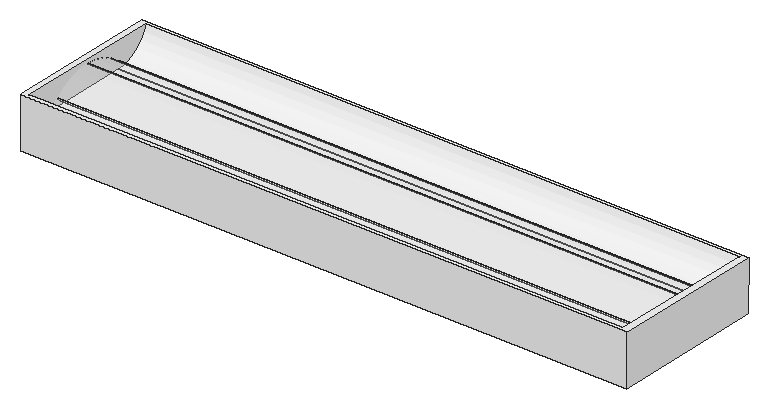
Revit family "LCAT-SM", category Lighting Fixtures, host Face, Revit 2021
Family settings
  Host = Face
  Round Connector Dimension = Use Diameter
  Part Type = Normal
  OmniClass Number = 23.80.70.11
  OmniClass Title = Luminaries for Internal Lighting
  Cut with Voids When Loaded = No
  Light Source = No
  Shared = No
  Room Calculation Point = No
Parameters (values of type "LCAT-SM-14")
  zz Length = Row Length - 0.083333 ft  # 3.916667 ft
  Width = 1.000 ft
  Warranty = "Five-year warranty."  # constant formula
  Voltage = 120 V
  Wattage Comments = "40-80 W"  # constant formula
  URL = "https://www.currentlighting.com/columbia"
  Product Page URL = ""
  Product Documentation Link = ""
  Photometric Web = Web LCAT : LCAT14-30MLG-EDU
  Model = "LCAT-SM"  # constant formula
  Manufacturer = "Columbia Lighting"  # constant formula
  Row Length = 4.000 ft
  Load Classification = Lighting
  Lamp = "LED Lamp"  # constant formula
  Light Bulb = White Glass
  Height = 0.333333 ft
  Description = "LCAT provides both design and value with an architectural appearance, LED technology to reduce maintenance and a wide range of options for classrooms, offices, retail and health care applications."  # constant formula
  Default Elevation = 4.000 ft
  Backbox = White
  Apparent Load = 0 VA
Types (4, lengths in ft): name | zz Length | Width | Photometric Web | Row Length | Load Classification | Height
  (no name) | 3.916667 | 1.000 | Web LCAT : LCAT14-30MLG-EDU | 4.000 | Lighting | 0.333333
  LCAT-SM-14 | 3.916667 | 1.000 | Web LCAT : LCAT14-30MLG-EDU | 4.000 | Lighting | 0.333333
  LCAT-SM-22 | 1.916667 | 1.979167 | Web LCAT : LCAT22-50VLG-EDU | 2.000 | Other | 0.385833
  LCAT-SM-24 | 3.916667 | 2.083333 | Web LCAT : LCAT24-50MLG-EDU | 4.000 | Other | 0.385833
Reference planes (ft)
  plane 1 "Center (Front/Back)": y = 0.003333
  plane 2: z = 0
  plane 3 "Center (Left/Right)": x = 0.13912
  plane 4: x = -1.86088
  plane 5: x = 2.13912
Dimensions and locks (ft)
  equal spacing: plane 5, plane 3 "Center (Left/Right)", plane 4
  "Row Length": plane 5 to plane 4
  aligned and locked: plane 2 to host face
  aligned and locked: level to host face
  aligned and locked: plane 3 "Center (Left/Right)" to nested 1
  aligned and locked: plane 1 "Center (Front/Back)" to nested 1
  aligned and locked: plane 3 "Center (Left/Right)" to nested 2
  aligned and locked: plane 1 "Center (Front/Back)" to nested 2
Automatic sketch dimensions
  host sketch curve to host sketch curve = 8.000 ft  (x2)
Nested families (ft)
  nested 1: "LED Contemporary Architectural Troffer" at (0.13912, 0.003333, 0), Row Length <- "Row Length", Width <- "Width", Glass <- "Light Bulb", Finish <- "Backbox", Height <- "Height", type "LED Contemporary Architectural Troffer"
    with Width 1.000 ft, Row Length 4.000 ft, Height 0.333333 ft, Glass White Glass, Finish White
  nested 2: "Web LCAT" at (0.142453, 0.023246, 0.166667) x (0, 1, 0) z (0, 0, 1), type <- "Photometric Web", type "LCAT14-30MLG-EDU"
Connectors (ft)
  electrical at (0, 0, 0), driven by "Voltage", driven by "Description", driven by "Load Classification"
    settings: on host face, index 1, voltage 120 V, apparent load 0 VA, apparent load phase1 0 VA, apparent load phase2 0 VA, apparent load phase3 0 VA, power factor 1, load classification "Lighting", number of poles 1, system type 30, power factor state 1, is connector primary yes, connector utility no, sub classification motor no, connector description "LCAT provides both design and value with an architectural appearance, LED technology to reduce maintenance and a wide range of options for classrooms, offices, retail and health care applications."
Definition of nested family "LED Contemporary Architectural Troffer"
  Parameters
    Width [instance] = 2.000 ft
    Row Length [instance] = 2.000 ft
    Height [instance] = 0.385417 ft
    Glass [instance] = none
    Finish [instance] = none
    Default Elevation = 4.000 ft
  Reference planes (ft)
    plane 1 "Center (Front/Back)": y = 0
    plane 2: z = 0
    plane 3 "Center (Left/Right)": x = 0
    plane 4: x = 1
    plane 5: x = -1
    plane 6: y = -1
    plane 7: y = 1
    plane 8: z = 0.385417
    plane 9: x = -0.958333
    plane 10: x = 0.958333
    plane 11: y = -0.25
    plane 12: y = 0.25
    plane 13: z = 0.166667
    plane 14: y = -0.979167
    plane 15: y = 0.979167
    plane 16: z = 0.020833
  Forms (ft)
    Extrusion 1, solid
      sketch origin (0, 0, 0) x (1, 0, 0) y (0, 1, 0)
        loop
          line (-4, 4) -> (-4, -4) -> (4, -4) -> (4, 4) -> (-4, 4)
      from 0 to -1
    Extrusion 2, solid, material <- "Glass"
      sketch origin (0, 0, 0) x (0, 1, 0) y (0, 0, 1)
        loop
          arc (-0.25045, 0.166667) -> (-0.271283, 0.1875) -> (-0.25045, 0.208333) r 0.020833
          arc (-0.25045, 0.208333) -> (-0.135194, 0.283596) -> (0, 0.309496) r 0.355919
          arc (0, 0.309496) -> (0.135194, 0.283596) -> (0.25045, 0.208333) r 0.355919
          arc (0.25045, 0.208333) -> (0.271283, 0.1875) -> (0.25045, 0.166667) r 0.020833
          line (0.25045, 0.166667) -> (0.25045, 0.158186)
          arc (0.25045, 0.158186) -> (0.279683, 0.187419) -> (0.25045, 0.216651) r 0.029233
          arc (0.25045, 0.216651) -> (0.134867, 0.290829) -> (0, 0.316769) r 0.363081
          arc (0, 0.316769) -> (-0.134867, 0.290829) -> (-0.25045, 0.216651) r 0.363081
          arc (-0.25045, 0.216651) -> (-0.279683, 0.187419) -> (-0.25045, 0.158186) r 0.029233
          line (-0.25045, 0.158186) -> (-0.25045, 0.166667)
      from -0.958333 to 0.958333
    Extrusion 3, solid, material <- "Finish"
      sketch origin (0, 0, 0) x (0, 1, 0) y (0, 0, 1)
        loop
          line (-1, 0.385417) -> (-1, 0) -> (1, 0) -> (1, 0.385417) -> (-1, 0.385417)
      from 0.958333 to 1
    Extrusion 4, solid, material <- "Finish"
      sketch origin (0, 0, 0) x (0, 1, 0) y (0, 0, 1)
        loop
          line (1, 0.385417) -> (-1, 0.385417) -> (-1, 0) -> (1, 0) -> (1, 0.385417)
      from -1 to -0.958333
    Extrusion 5, solid, material <- "Finish"
      sketch origin (0, 0, 0) x (0, 1, 0) y (0, 0, 1)
        loop
          line (-1, 0) -> (1, 0) -> (1, 0.385417) -> (0.979167, 0.385417) -> (0.979167, 0.020833) -> (-0.979167, 0.020833) -> (-0.979167, 0.385417) -> (-1, 0.385417) -> (-1, 0)
      from -0.958333 to 0.958333
    Extrusion 6, solid, material <- "Finish"
      sketch origin (0, 0, 0) x (0, 1, 0) y (0, 0, 1)
        loop
          arc (-0.25, 0.166667) -> (-0.630636, 0.222532) -> (-0.979167, 0.385417) r 1.324653
          line (-0.979167, 0.385417) -> (-0.979167, 0.020833) -> (0.979167, 0.020833) -> (0.979167, 0.385417)
          arc (0.979167, 0.385417) -> (0.630636, 0.222532) -> (0.25, 0.166667) r 1.324653
          line (0.25, 0.166667) -> (-0.25, 0.166667)
      from -1 to 1
  Cuts and joins
    joined: Extrusion 3, Extrusion 4, Extrusion 5, Extrusion 6
  Dimensions and locks (ft)
    equal spacing: plane 4, plane 3 "Center (Left/Right)", plane 5
    "Row Length": plane 4 to plane 5
    equal spacing: plane 6, plane 1 "Center (Front/Back)", plane 7
    "Width": plane 6 to plane 7
    "Height": plane 8 to plane 2
    equal spacing: plane 10, plane 3 "Center (Left/Right)", plane 9
    locked: plane 9 to plane 5 at 0.041667
    equal spacing: plane 11, plane 1 "Center (Front/Back)", plane 12
    locked: plane 11 to plane 1 "Center (Front/Back)" at 0.25
    locked: plane 6 to plane 14 at 0.020833
    equal spacing: plane 14, plane 1 "Center (Front/Back)", plane 15
    locked: plane 16 to level at 0.020833
    level to Extrusion 5 = 0.385417 ft
    aligned and locked: plane 2 to Extrusion 1
    aligned and locked: level to Extrusion 1
    aligned and locked: Extrusion 2 to plane 10
    aligned and locked: Extrusion 2 to plane 9
    aligned and locked: plane 8 to Extrusion 3 sketch curve
    aligned and locked: plane 6 to Extrusion 3 sketch curve
    aligned and locked: level to Extrusion 3 sketch curve
    aligned and locked: Extrusion 3 sketch curve to plane 7
    aligned and locked: plane 4 to Extrusion 3
    aligned and locked: plane 10 to Extrusion 3
    aligned and locked: Extrusion 4 sketch curve to Extrusion 3  (x4)
    aligned and locked: Extrusion 4 to plane 5
    aligned and locked: plane 9 to Extrusion 4
    aligned and locked: Extrusion 5 sketch curve to Extrusion 3  (x4)
    aligned and locked: plane 8 to Extrusion 5 sketch curve
    aligned and locked: Extrusion 5 sketch curve to plane 14
    aligned and locked: plane 16 to Extrusion 5 sketch curve
    aligned and locked: Extrusion 5 sketch curve to plane 15
    aligned and locked: Extrusion 5 to plane 10
    aligned and locked: Extrusion 5 to plane 9
    aligned and locked: plane 13 to Extrusion 6 sketch curve
    aligned and locked: plane 12 to Extrusion 6 sketch curve
    aligned and locked: plane 11 to Extrusion 6 sketch curve
    aligned and locked: Extrusion 6 sketch curve to plane 14
    aligned and locked: plane 16 to Extrusion 6 sketch curve
    aligned and locked: Extrusion 6 sketch curve to plane 15
    aligned and locked: plane 4 to Extrusion 6
    aligned and locked: Extrusion 6 to plane 5
  Automatic sketch dimensions
    Extrusion 1 sketch curve to Extrusion 1 sketch curve = 8.000 ft  (x2)
    plane 13 to Extrusion 2 sketch curve = 0.000 ft  (x2)
    Extrusion 2 sketch curve to plane 1 "Center (Front/Back)" = 0.000 ft  (x2)
    plane 1 "Center (Front/Back)" to Extrusion 2 sketch curve = 0.000094 ft
    Extrusion 2 sketch curve to Extrusion 2 sketch curve = 0.0018 ft  (x2)
    Extrusion 2 sketch curve to plane 11 = 0.00045 ft
    Extrusion 2 sketch curve to plane 1 "Center (Front/Back)" = 0.000094 ft
    Extrusion 2 sketch curve to plane 12 = 0.00045 ft
    plane 13 to Extrusion 2 sketch curve = 0.008481 ft  (x2)
    Extrusion 2 sketch curve to level = 0.046313 ft
    Extrusion 2 sketch curve to Extrusion 2 sketch curve = 0.000 ft
    Extrusion 2 sketch curve to Extrusion 2 sketch curve = 0.000105 ft  (x2)
    Extrusion 2 sketch curve to Extrusion 2 sketch curve = 0.020752 ft
    Extrusion 2 sketch curve to Extrusion 2 sketch curve = 0.000081 ft
    plane 8 to Extrusion 6 sketch curve = 0.000 ft  (x2)
Definition of nested family "Web LCAT"
  Parameters
    Wattage Comments = ""
    Wattage = 80 W
    built-in parameter 1150110 = 1 (stored number, unit not read)
    URL = ""
    built-in parameter 1114217 = 1 (stored number, unit not read)
    Tilt Angle = 90.00°
    built-in parameter 1150109 = 1 (stored number, unit not read)
    built-in parameter 1150134 = 2
    built-in parameter 1150113 = 1 (stored number, unit not read)
    Product Page URL = ""
    Product Documentation Link = ""
    Photometric Web File = "LCAT24-50XLG-EDU.ies"
    Model = ""
    Manufacturer Phone = ""
    Manufacturer Fax = ""
    Manufacturer = ""
    built-in parameter 1150105 = 585.69 (stored number, unit not read)
    Lumens = 7360 lm
    built-in parameter 1150115 = 1 (stored number, unit not read)
    built-in parameter 1150137 = (empty or 0)
    built-in parameter 1150139 = (empty or 0)
    built-in parameter 1150112 = 1 (stored number, unit not read)
    built-in parameter 1150114 = 1 (stored number, unit not read)
    Lamp = ""
    built-in parameter 1150132 = (empty or 0)
    built-in parameter 1150102 = (empty or 0)
    built-in parameter 1150107 = 5000 (stored number, unit not read)
    built-in parameter 1150138 = (empty or 0)
    built-in parameter 1150106 = 5.8569 (stored number, unit not read)
    Emit from Rectangle Width = 0.500 ft
    Emit from Rectangle Length = 3.916667 ft
    Emit Shape Visible in Rendering = no
    built-in parameter 1150104 = 8.5471 (stored number, unit not read)
    Dimming Lamp Color Temperature Shift = (empty or 0)
    Description = ""
    Default Elevation = 4.000 ft
    Color Filter = 16777215
    built-in parameter 1114218 = 1 (stored number, unit not read)
    built-in parameter 1150133 = 10 (stored number, unit not read)
  Reference planes (ft)
    plane 1 "Center (Front/Back)": y = 0.003333
    plane 2: z = 0
    plane 3 "Center (Left/Right)": x = -0.019913
  Forms (ft)
    Extrusion 1, solid
      sketch origin (0, 0, 0.005297) x (1, 0, 0) y (0, 1, 0)
        loop
          line (-4, 4) -> (-4, -4) -> (4, -4) -> (4, 4) -> (-4, 4)
      from -0.005297 to -1.478638
  Lines and regions (ft)
    reference lines
      curve 1: line (-0.019913, 0.003333, 1.50954) -> (-0.019913, 0.003333, -1.907127)
      curve 2: line (-0.019913, 0.003333, 2.833333) -> (-0.019913, 0.003333, -1.907127)
  Dimensions and locks (ft)
    aligned and locked: plane 2 to Extrusion 1
    aligned and locked: level to Extrusion 1
    aligned and locked: curve 1 to plane 3 "Center (Left/Right)"
    aligned and locked: plane 1 "Center (Front/Back)" to curve 2
    aligned and locked: imposter light to plane 1 "Center (Front/Back)"
    aligned and locked: imposter light to level
    aligned and locked: plane 3 "Center (Left/Right)" to imposter light
